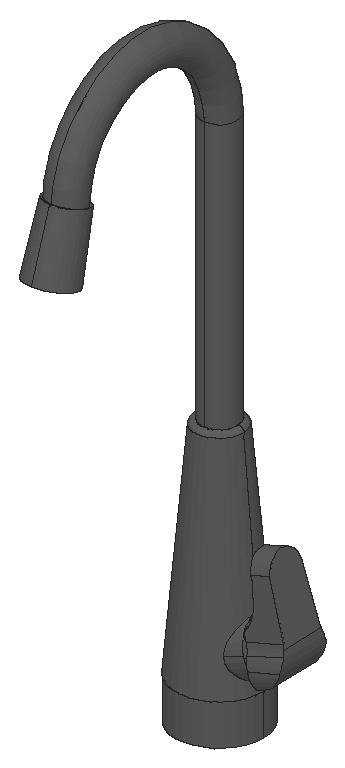
Revit family "TT5015551-Griferia-Lavaplatos-Monocontrol-Tanta", category Plumbing Fixtures, host Face, Revit 2021
Family settings
  Host = Face
  Round Connector Dimension = Use Diameter
  Part Type = Normal
  OmniClass Number = 23.31.11.00
  Cut with Voids When Loaded = No
  Shared = No
  Room Calculation Point = No
Parameters
  Vida útil o desgaste (unidad) = "500.000 ciclos"  # constant formula
  Vida útil o desgaste (pico) = "50.000 ciclos"  # constant formula
  URL = ""
  Temperatura de uso = "5ºC a 71ºC"  # constant formula
  Profundidad = 200 mm
  Peso Neto = "1,760 gr / 3,88 lb"  # constant formula
  Peso  Bruto = "1,950 gr / 4,30 lb"  # constant formula
  Material = Corona_Plastico_Cromado
  Garantía Acabados = "2 años"  # constant formula
  Garantia = "30 años"  # constant formula
  Fecha de creación = "11/08/2020"  # constant formula
  Fabricante = "Corona"  # constant formula
  Default Elevation = 1219.2 mm
  Creado por = "IDD"  # constant formula
  Capacidad de flujo máximo a 60 psi = "8,3 L/min"  # constant formula
  Ancho = 77 mm
  Alto = 395 mm
Reference planes
  plane 1 "Center (Front/Back)": y = 0
  plane 2: z = 0
  plane 3 "Center (Left/Right)": x = 0
  plane 4: y = 27.809
  plane 5: y = -172.191
  plane 6: x = -26.759
  plane 7: x = 50.241
  plane 8: z = 395
Forms (mm)
  Extrusion 1, solid, material "Corona_Plastico_Cromado" <- "Material", detail levels coarse
    sketch origin (0, 0, 0) x (1, 0, 0) y (0, 0, 1)
      loop
        line (50.206, 395) -> (-26.759, 395) -> (-26.759, 0) -> (50.206, 0) -> (50.206, 395)
    from -27.809 to 172.191
Dimensions and locks
  "Profundidad": plane 4 to plane 5
  "Alto": plane 8 to host face
  "Ancho": plane 6 to plane 7
  plane 7 to plane 6 = 77 mm
  plane 8 to host face = 395 mm
  aligned and locked: plane 2 to host face
  aligned and locked: level to host face
Automatic sketch dimensions
  host sketch curve to host sketch curve = 107.578 mm
  host sketch curve to host sketch curve = 247.53 mm
  Extrusion 1 sketch curve to plane 6 = 0 mm
  Extrusion 1 sketch curve to level = 0 mm
  Extrusion 1 sketch curve to plane 8 = 0 mm
  Extrusion 1 sketch curve to plane 7 = 0.035 mm
Nested families
  nested 1: "Family4" at (0, 0, 0) x (1, 0, 0) z (0, -1, 0), type "Family4", detail levels coarse
  nested 2: "Family5" at (0, 0.843, 0) x (0, 1, 0) z (1, 0, 0), type "Family5", detail levels coarse
  nested 3: "TT5015551_Griferia Lavaplatos Tanta" at (0, 0, 0), type "TT5015551_Griferia Lavaplatos Tanta", detail levels medium+fine
Connectors
  piping at (0, 0, 0), diameter 15
    settings: on nested 3, index 1, connector inside diameter 609.6 mm, connector length 0 mm, flow factor 0, pipe flow 0.0 L/s, pressure drop 0.0 Pa, fitting loss kfactor 0, connector angle 0.00°, fixture units 0, engagement length 0 mm, angle of deflection 0.00°, flow configuration 0, flow direction 2, fitting loss method 0, system type 20, joint type 0, gender type 0, connector reference index -1, connector utility 0, adjustable connector no, is connector primary yes, connector description ""
Definition of nested family "TT5015551_Griferia Lavaplatos Tanta"
  Parameters (values of type "TT5015551_Griferia Lavaplatos Tanta")
    Profundidad = 167 mm
    Material = none
    Default Elevation = 0 mm
    Ancho = 77 mm
    Alto = 395 mm
  Reference planes
    plane 1 "Center (Front/Back)": y = 0
    plane 2: z = 0
    plane 3 "Center (Left/Right)": x = 0
    plane 4 "LLave": through (32.74, -1524, 35.018) normal (-0.9613, 0, -0.2756)
    plane 5: z = 395
    plane 6: y = 27.809
    plane 7: y = -139.191
    plane 8: x = -26.759
    plane 9: x = 50.241
    plane 10: x = 40.241
    plane 11: through (0, -84.158, 320.431) normal (0, 0.2756, 0.9613)
  Forms (mm)
    Revolve 1, solid, material <- "Material", detail levels medium+fine
      sketch origin (0, 0, 0) x (1, 0, 0) y (0, 0, 1)
        loop
          line (0, 0) -> (0, 162.302) -> (-11.24, 162.302)
          arc (-11.24, 162.302) -> (-13.458, 161.585) -> (-14.836, 159.703) r 3.787
          arc (-14.836, 159.703) -> (-23.772, 92.615) -> (-26.759, 25) r 766.843
          line (-26.759, 25) -> (-26.759, 0) -> (0, 0)
        axis (0, 162.302) -> (0, 0)
      angle from 0 to 360
    Sweep 2, solid, material <- "Material", detail levels medium+fine
      path origin (0, 0, 59.444) x (0, 1, 0) y (0, 0, 1)
        loop
          line (0, 102.858) -> (0, 266.676)
          arc (0, 266.676) -> (-57.5, 324.176) -> (-115, 266.676) r 57.5
      profile origin (0, 0, 244.211) x (0, -1, 0) y (1, 0, 0)
        loop
          circle (0, 0) r 11
    SweptBlend 3, solid, material <- "Material", detail levels medium+fine
      path origin (-27.5, 0, 0) x (1, 0, 0) y (0, 0, 1)
        loop
          line (29.977, 43.795) -> (55.615, 51.147)
      profile origin (2.477, 0, 43.795) x (-0.275637, 0, 0.961262) y (0, -1, 0)
        loop
          arc (0, 20) -> (-14.142, 14.142) -> (-20, 0) r 20
          arc (-20, 0) -> (-14.142, -14.142) -> (0, -20) r 20
          arc (0, -20) -> (14.142, -14.142) -> (20, 0) r 20
          arc (20, 0) -> (14.142, 14.142) -> (0, 20) r 20
      end profile origin (28.115, 0, 51.147) x (-0.275637, 0, 0.961262) y (0, -1, 0)
        loop
          arc (-16.779, 0) -> (-11.865, -11.865) -> (0, -16.779) r 16.779
          arc (0, -16.779) -> (11.865, -11.865) -> (16.779, 0) r 16.779
          arc (16.779, 0) -> (11.865, 11.865) -> (0, 16.779) r 16.779
          arc (0, 16.779) -> (-11.865, 11.865) -> (-16.779, 0) r 16.779
    Extrusion 4, solid, material <- "Material", detail levels medium+fine
      sketch origin (39.531, 0, 11.335) x (0.275637, 0, -0.961262) y (0, -1, 0)
        loop
          arc (-33.836, -16.779) -> (-17.057, 0) -> (-33.836, 16.779) r 16.779
          arc (-33.836, 16.779) -> (-37.779, 16.309) -> (-41.501, 14.926) r 16.779
          arc (-41.501, 14.926) -> (-44.442, 13.792) -> (-47.557, 13.304) r 14.857
          line (-47.557, 13.304) -> (-81.696, 11.623)
          arc (-81.696, 11.623) -> (-91.277, 0) -> (-81.696, -11.623) r 11.84
          line (-81.696, -11.623) -> (-47.557, -13.304)
          arc (-47.557, -13.304) -> (-44.442, -13.792) -> (-41.501, -14.926) r 14.857
          arc (-41.501, -14.926) -> (-37.779, -16.309) -> (-33.836, -16.779) r 16.779
      from 0 to -25.13
    Extrusion 5, void, detail levels medium+fine
      sketch origin (-27.5, 0, 0) x (1, 0, 0) y (0, 0, 1)
        loop
          arc (50.99, 67.276) -> (54.755, 69.96) -> (56.745, 74.134) r 9.226
          arc (56.745, 74.134) -> (57.465, 81.634) -> (56.745, 89.134) r 39.392
          arc (56.745, 89.134) -> (55.5, 94.323) -> (53.806, 99.383) r 60.874
          arc (53.806, 99.383) -> (53.454, 104.895) -> (56.305, 109.625) r 9.249
          arc (56.305, 109.625) -> (57.564, 110.465) -> (59.001, 110.938) r 5.584
          arc (59.001, 110.938) -> (62.168, 110.059) -> (64.076, 107.384) r 4.922
          line (64.076, 107.384) -> (77.343, 61.117)
          arc (77.343, 61.117) -> (74.459, 42.92) -> (58.664, 33.435) r 21.793
          line (58.664, 33.435) -> (61.632, 23.083) -> (87.892, 30.613) -> (63.98, 114.003) -> (39.597, 107.011) -> (50.99, 67.276)
      from -34.72 to 25
    SweptBlend 6, void, detail levels medium+fine
      path in 3D
        loop
          arc (28.115, -16.779, 51.147) -> (24.845, -11.865, 62.552) -> (23.49, 0, 67.276) r 16.779
      profile origin (28.115, -16.779, 51.147) x (0, -1, 0) y (0.961262, 0, 0.275637)
        loop
          line (0, 0) -> (25, 0) -> (25, 10)
          arc (25, 10) -> (18.75, 10.468) -> (12.5, 10) r 42
          arc (12.5, 10) -> (4.909, 6.676) -> (0, 0) r 16
      end profile origin (23.49, 0, 67.276) x (-0.275637, 0, 0.961262) y (0.961262, 0, 0.275637)
        loop
          line (0, 0) -> (25, 0) -> (25, 10)
          arc (25, 10) -> (18.75, 10.468) -> (12.5, 10) r 42
          arc (12.5, 10) -> (4.907, 6.678) -> (0, 0) r 15.978
    SweptBlend 7, void, detail levels medium+fine
      path in 3D
        loop
          arc (28.115, 16.779, 51.147) -> (24.845, 11.865, 62.552) -> (23.49, 0, 67.276) r 16.779
      profile origin (28.115, 16.779, 51.147) x (0, -1, 0) y (0.961262, 0, 0.275637)
        loop
          arc (0, 0) -> (-4.909, 6.676) -> (-12.5, 10) r 16
          arc (-12.5, 10) -> (-18.75, 10.468) -> (-25, 10) r 42
          line (-25, 10) -> (-25, 0) -> (0, 0)
      end profile origin (23.49, 0, 67.276) x (0.275637, 0, -0.961262) y (0.961262, 0, 0.275637)
        loop
          arc (0, 0) -> (-4.907, 6.678) -> (-12.5, 10) r 15.978
          arc (-12.5, 10) -> (-18.75, 10.468) -> (-25, 10) r 42
          line (-25, 10) -> (-25, 0) -> (0, 0)
    Extrusion 8, solid, detail levels coarse
      sketch origin (0, 0, 0) x (1, 0, 0) y (0, 1, 0)
        loop
          line (-26.759, 27.809) -> (-26.759, -139.191) -> (52.133, -139.191) -> (52.133, 27.809) -> (-26.759, 27.809)
      from 0 to 395
    Revolve 9, solid, material <- "Material", detail levels medium+fine
      sketch origin (0, 0, 0) x (0, 1, 0) y (0, 0, 1)
        loop
          line (-114.903, 329.247) -> (-127.084, 332.74) -> (-140.295, 294.374)
          arc (-140.295, 294.374) -> (-133.419, 291.588) -> (-126.286, 289.55) r 69.506
          line (-126.286, 289.55) -> (-114.903, 329.247)
        axis (-114.903, 329.247) -> (-126.286, 289.55)
      angle from 0 to 360
  Cuts and joins
    Extrusion 5, SweptBlend 6, SweptBlend 7 cuts Extrusion 4
  Lines and regions (mm)
    sketch lines
      curve 1: arc (28.115, -16.779, 51.147) -> (24.845, -11.865, 62.552) -> (23.49, 0, 67.276) r 16.779
      curve 2: arc (28.115, 16.779, 51.147) -> (24.845, 11.865, 62.552) -> (23.49, 0, 67.276) r 16.779
  Dimensions and locks
    "Alto": plane 5 to level
    plane 7 to plane 6 = 167 mm  (x2)
    "Ancho": plane 8 to plane 9
    plane 8 to plane 9 = 77 mm
    plane 8 to plane 10 = 67 mm
    "Profundidad": plane 6 to plane 7
    aligned and locked: level to plane 2
  Automatic sketch dimensions
    plane 8 to Revolve 1 sketch curve = 0 mm
    Revolve 1 sketch curve to level = 0 mm
    Revolve 1 sketch curve to plane 3 "Center (Left/Right)" = 0 mm  (x2)
    Revolve 1 sketch curve to Revolve 1 sketch curve = 11.24 mm
    level to Revolve 1 sketch curve = 25 mm
    Revolve 1 sketch curve to plane 9 = 689.843 mm
    Revolve 1 sketch curve to Revolve 1 sketch curve = 133.516 mm
    Revolve 1 sketch curve to Revolve 1 sketch curve = 3.787 mm
    Revolve 1 sketch curve to level = 452.931 mm
    plane 5 to Revolve 1 sketch curve = 2050.244 mm
    Sweep 2 sketch curve to plane 3 "Center (Left/Right)" = 0 mm
    Sweep 2 sketch curve to profile plane = 0 mm
    plane 4 "LLave" to SweptBlend 3 sketch curve = 0 mm
    plane 3 "Center (Left/Right)" to SweptBlend 3 sketch curve = 2.477 mm
    level to SweptBlend 3 sketch curve = 43.795 mm
    plane 10 to SweptBlend 3 sketch curve = 12.125 mm
    SweptBlend 3 sketch curve to SweptBlend 3 sketch curve = 0 mm  (x24)
    plane 1 "Center (Front/Back)" to SweptBlend 3 sketch curve = 0 mm  (x2)
    SweptBlend 3 sketch curve to profile plane = 0 mm  (x2)
    SweptBlend 3 sketch curve to SweptBlend 3 sketch curve = 20 mm
    profile plane to SweptBlend 3 sketch curve = 16.779 mm
    Extrusion 4 sketch curve to Extrusion 4 sketch curve = 0 mm  (x7)
    Extrusion 4 sketch curve to plane 1 "Center (Front/Back)" = 0 mm  (x2)
    plane 1 "Center (Front/Back)" to Extrusion 4 sketch curve = 11.623 mm
    Extrusion 4 sketch curve to plane 1 "Center (Front/Back)" = 11.623 mm
    Extrusion 4 sketch curve to Extrusion 4 sketch curve = 2.259 mm
    Extrusion 4 sketch curve to plane 6 = 0.334 mm
    Extrusion 4 sketch curve to Extrusion 4 sketch curve = 33.409 mm  (x2)
    plane 1 "Center (Front/Back)" to Extrusion 4 sketch curve = 13.304 mm
    Extrusion 4 sketch curve to Extrusion 4 sketch curve = 0.731 mm  (x2)
    Extrusion 4 sketch curve to plane 1 "Center (Front/Back)" = 13.304 mm
    Extrusion 4 sketch curve to Extrusion 4 sketch curve = 13.721 mm
    Extrusion 4 sketch curve to Extrusion 4 sketch curve = 14.839 mm
    plane 4 "LLave" to Extrusion 5 sketch curve = 0 mm  (x2)
    plane 8 to Extrusion 5 sketch curve = 3.757 mm
    Extrusion 5 sketch curve to plane 3 "Center (Left/Right)" = 9.427 mm
    plane 3 "Center (Left/Right)" to Extrusion 5 sketch curve = 12.097 mm
    plane 10 to Extrusion 5 sketch curve = 20.053 mm
    Extrusion 5 sketch curve to Extrusion 5 sketch curve = 3.302 mm
    plane 10 to Extrusion 5 sketch curve = 11.346 mm
    plane 10 to Extrusion 5 sketch curve = 9.077 mm
    plane 10 to Extrusion 5 sketch curve = 8.396 mm
    Extrusion 5 sketch curve to Extrusion 5 sketch curve = 0.664 mm
    plane 10 to Extrusion 5 sketch curve = 6.109 mm
    Extrusion 5 sketch curve to Extrusion 5 sketch curve = 2.431 mm
    plane 10 to Extrusion 5 sketch curve = 3.76 mm
    plane 10 to Extrusion 5 sketch curve = 3.664 mm
    plane 9 to Extrusion 5 sketch curve = 0.397 mm
    Extrusion 5 sketch curve to plane 9 = 10.151 mm
    Extrusion 5 sketch curve to Extrusion 5 sketch curve = 12.167 mm
    Extrusion 5 sketch curve to Extrusion 5 sketch curve = 8.614 mm
    Extrusion 5 sketch curve to Extrusion 5 sketch curve = 1.654 mm
    Extrusion 5 sketch curve to Extrusion 5 sketch curve = 4.09 mm
    Extrusion 5 sketch curve to Extrusion 5 sketch curve = 11.302 mm
    Extrusion 5 sketch curve to Extrusion 5 sketch curve = 2.743 mm
    Extrusion 5 sketch curve to Extrusion 5 sketch curve = 0.582 mm
    Extrusion 5 sketch curve to Extrusion 5 sketch curve = 1.939 mm
    Extrusion 5 sketch curve to Extrusion 5 sketch curve = 5.539 mm
    Extrusion 5 sketch curve to Extrusion 5 sketch curve = 0 mm  (x3)
    profile plane to SweptBlend 6 sketch curve = 0 mm  (x2)
    SweptBlend 6 sketch curve to profile plane = 5.798 mm
    SweptBlend 6 sketch curve to profile plane = 14.889 mm
    SweptBlend 6 sketch curve to profile plane = 18.75 mm  (x2)
    SweptBlend 6 sketch curve to SweptBlend 6 sketch curve = 10.111 mm
    SweptBlend 6 sketch curve to SweptBlend 6 sketch curve = 25.734 mm
    SweptBlend 6 sketch curve to SweptBlend 6 sketch curve = 10 mm  (x2)
    SweptBlend 6 sketch curve to profile plane = 0 mm  (x2)
    SweptBlend 6 sketch curve to profile plane = 5.818 mm
    SweptBlend 6 sketch curve to profile plane = 14.905 mm
    SweptBlend 6 sketch curve to SweptBlend 6 sketch curve = 10.095 mm
    SweptBlend 6 sketch curve to SweptBlend 6 sketch curve = 25.714 mm
    profile plane to SweptBlend 7 sketch curve = 0 mm
    profile plane to SweptBlend 7 sketch curve = 25 mm
    profile plane to SweptBlend 7 sketch curve = 18.75 mm  (x2)
    SweptBlend 7 sketch curve to SweptBlend 7 sketch curve = 10.111 mm
    SweptBlend 7 sketch curve to profile plane = 0 mm  (x3)
    SweptBlend 7 sketch curve to profile plane = 5.798 mm
    SweptBlend 7 sketch curve to SweptBlend 7 sketch curve = 25.734 mm
    SweptBlend 7 sketch curve to SweptBlend 7 sketch curve = 10 mm
    SweptBlend 7 sketch curve to profile plane = 5.818 mm
    profile plane to SweptBlend 7 sketch curve = 14.905 mm
    profile plane to SweptBlend 7 sketch curve = 10 mm
    SweptBlend 7 sketch curve to SweptBlend 7 sketch curve = 10.095 mm
    SweptBlend 7 sketch curve to SweptBlend 7 sketch curve = 25.714 mm
    plane 7 to Extrusion 8 sketch curve = 0 mm
    Extrusion 8 sketch curve to plane 8 = 0 mm
    plane 6 to Extrusion 8 sketch curve = 0 mm
    Extrusion 8 sketch curve to plane 9 = 1.892 mm
    Sweep 2 sketch curve to plane 1 "Center (Front/Back)" = 0 mm
    plane 1 "Center (Front/Back)" to Sweep 2 sketch curve = 57.5 mm
    Sweep 2 sketch curve to plane 5 = 68.88 mm
    level to Sweep 2 sketch curve = 162.302 mm
    Revolve 9 sketch curve to plane 11 = 0 mm  (x3)
    Revolve 9 sketch curve to plane 7 = 12.107 mm
    Revolve 9 sketch curve to Revolve 9 sketch curve = 12.181 mm
    Revolve 9 sketch curve to Revolve 9 sketch curve = 4.113 mm
    plane 7 to Revolve 9 sketch curve = 1.103 mm
    Revolve 9 sketch curve to plane 7 = 12.905 mm
    Revolve 9 sketch curve to Revolve 9 sketch curve = 0.511 mm
    Revolve 9 sketch curve to Revolve 9 sketch curve = 0 mm
    Revolve 9 sketch curve to Revolve 9 sketch curve = 4.823 mm
    Revolve 9 sketch curve to Revolve 9 sketch curve = 1.78 mm
    radius of Sweep 2 sketch curve = 11 mm
Definition of nested family "Family4"
  Reference planes
    plane 1 "Center (Front/Back)": y = 0
    plane 2: z = 0
    plane 3 "Center (Left/Right)": x = 0
    plane 4: y = 395
  Lines and regions (mm)
    detail lines, in view "Ref. Level"
      curve 1: line (27.344, 0, 0) -> (27.344, 42.626, 0)
      curve 2: line (15.135, 141.635, 0) -> (0, 141.635, 0)
      curve 3: line (15.135, 141.635, 0) -> (10.805, 144.135, 0)
      curve 4: line (10.805, 144.135, 0) -> (0, 144.135, 0)
      curve 5: line (10.805, 144.135, 0) -> (10.805, 317.706, 0)
      curve 6: spline (-16.017, 323.243, 0) -> (-15.471, 321.301, 0) -> (-13.871, 319.493, 0) -> (-11.326, 317.939, 0) -> (-8.008, 316.747, 0) -> (-4.145, 315.998, 0) -> (0, 315.743, 0) -> (4.145, 315.998, 0) -> (8.008, 316.747, 0) -> (11.326, 317.939, 0) -> (13.871, 319.493, 0) -> (15.471, 321.301, 0) -> (16.017, 323.243, 0) -> (15.471, 325.184, 0) -> (13.871, 326.993, 0) -> (11.326, 328.546, 0) -> (8.008, 329.738, 0) -> (4.145, 330.487, 0) -> (0, 330.743, 0) -> (-4.145, 330.487, 0) -> (-8.008, 329.738, 0) -> (-11.326, 328.546, 0) -> (-13.871, 326.993, 0) -> (-15.471, 325.184, 0) -> (-16.017, 323.243, 0)
      curve 7: spline (-8.246, 323.325, 0) -> (-7.965, 322.621, 0) -> (-7.141, 321.964, 0) -> (-5.831, 321.401, 0) -> (-4.123, 320.968, 0) -> (-2.134, 320.697, 0) -> (0, 320.604, 0) -> (2.134, 320.697, 0) -> (4.123, 320.968, 0) -> (5.831, 321.401, 0) -> (7.141, 321.964, 0) -> (7.965, 322.621, 0) -> (8.246, 323.325, 0) -> (7.965, 324.029, 0) -> (7.141, 324.685, 0) -> (5.831, 325.249, 0) -> (4.123, 325.681, 0) -> (2.134, 325.953, 0) -> (0, 326.046, 0) -> (-2.134, 325.953, 0) -> (-4.123, 325.681, 0) -> (-5.831, 325.249, 0) -> (-7.141, 324.685, 0) -> (-7.965, 324.029, 0) -> (-8.246, 323.325, 0)
      curve 8: line (-16.017, 323.243, 0) -> (-10.704, 384.672, 0)
      curve 9: line (16.017, 323.243, 0) -> (10.881, 384.672, 0)
      curve 10: arc (-10.704, 384.672, 0) -> (0.088, 395.465, 0) -> (10.881, 384.672, 0) r 10.793
      curve 11: line (-27.344, 0, 0) -> (-27.344, 42.626, 0)
      curve 12: line (-15.135, 141.635, 0) -> (0, 141.635, 0)
      curve 13: line (-15.135, 141.635, 0) -> (-10.805, 144.135, 0)
      curve 14: line (-10.805, 144.135, 0) -> (0, 144.135, 0)
      curve 15: line (-10.805, 144.135, 0) -> (-10.805, 317.706, 0)
      curve 16: line (27.224, 52.506, 0) -> (32.763, 36.418, 0)
      curve 17: line (32.763, 36.418, 0) -> (27.344, 33.891, 0)
      curve 18: arc (26.369, 70.796, 0) -> (29.151, 75.924, 0) -> (29.335, 81.757, 0) r 12.649
      curve 19: arc (48.988, 48.768, 0) -> (42.656, 40.254, 0) -> (32.763, 36.418, 0) r 19.147
      curve 20: arc (48.988, 48.768, 0) -> (50.206, 55.489, 0) -> (48.988, 62.21, 0) r 19.147
      curve 21: line (48.988, 62.21, 0) -> (36.966, 104.135, 0)
      curve 22: line (36.966, 104.135, 0) -> (25.445, 100.831, 0)
      curve 23: arc (25.445, 100.831, 0) -> (27.82, 91.382, 0) -> (29.335, 81.757, 0) r 108.202
      curve 24: arc (25.445, 100.831, 0) -> (25.644, 106.111, 0) -> (29.029, 110.167, 0) r 8.178
      curve 25: arc (29.029, 110.167, 0) -> (30.984, 110.715, 0) -> (32.94, 110.167, 0) r 3.763
      curve 26: arc (32.94, 110.167, 0) -> (35.423, 107.465, 0) -> (36.966, 104.135, 0) r 11.914
      curve 27: line (27.344, 0, 0) -> (-27.344, 0, 0)
      curve 28: arc (-15.135, 141.635, 0) -> (-24.28, 92.506, 0) -> (-27.344, 42.626, 0) r 407.579
      curve 29: arc (15.135, 141.635, 0) -> (24.28, 92.506, 0) -> (27.344, 42.626, 0) r 407.579
  Dimensions and locks
    plane 1 "Center (Front/Back)" to plane 4 = 395 mm
Definition of nested family "Family5"
  Reference planes
    plane 1 "Center (Front/Back)": y = 0
    plane 2: z = 0
    plane 3 "Center (Left/Right)": x = 0
    plane 4: y = 333
    plane 5: y = 333.007
  Lines and regions (mm)
    detail lines, in view "Ref. Level"
      curve 1: line (-26.172, 0.007, 0) -> (26.172, 0.007, 0)
      curve 2: line (26.172, 0.007, 0) -> (26.172, 42.633, 0)
      curve 3: arc (26.172, 42.633, 0) -> (21.404, 71.635, 0) -> (13.963, 100.069, 0) r 316.178
      curve 4: line (13.963, 100.069, 0) -> (13.963, 101.642, 0)
      curve 5: line (13.963, 101.642, 0) -> (9.633, 101.642, 0)
      curve 6: line (13.963, 101.642, 0) -> (9.633, 104.142, 0)
      curve 7: line (9.633, 104.142, 0) -> (9.633, 289.142, 0)
      curve 8: line (-28.515, 0.007, 0) -> (-28.515, 42.633, 0)
      curve 9: arc (-28.515, 42.633, 0) -> (-23.747, 71.635, 0) -> (-16.307, 100.069, 0) r 316.178
      curve 10: line (-16.307, 101.642, 0) -> (-11.977, 101.642, 0)
      curve 11: line (-16.307, 101.642, 0) -> (-11.977, 104.142, 0)
      curve 12: line (-11.977, 104.142, 0) -> (-11.977, 281.765, 0)
      curve 13: line (-11.305, 0.007, 0) -> (-11.305, -17.346, 0)
      curve 14: line (-1.172, -17.346, 0) -> (-23.552, -17.346, 0)
      curve 15: line (-23.552, -17.346, 0) -> (-23.552, -27.346, 0)
      curve 16: line (-23.552, -27.346, 0) -> (-1.172, -27.346, 0)
      curve 17: line (-11.305, -27.346, 0) -> (-11.305, -43.427, 0)
      curve 18: line (-11.305, -43.427, 0) -> (-8.24, -46.492, 0)
      curve 19: line (-8.24, -46.492, 0) -> (-1.172, -46.492, 0)
      curve 20: line (-11.305, -43.427, 0) -> (-1.172, -43.427, 0)
      curve 21: line (-16.305, -17.346, 0) -> (-16.305, -27.346, 0)
      curve 22: line (8.961, 0.007, 0) -> (8.961, -17.346, 0)
      curve 23: line (-1.172, -17.346, 0) -> (21.208, -17.346, 0)
      curve 24: line (21.208, -17.346, 0) -> (21.208, -27.346, 0)
      curve 25: line (21.208, -27.346, 0) -> (-1.172, -27.346, 0)
      curve 26: line (8.961, -27.346, 0) -> (8.961, -43.427, 0)
      curve 27: line (8.961, -43.427, 0) -> (5.896, -46.492, 0)
      curve 28: line (5.896, -46.492, 0) -> (-1.172, -46.492, 0)
      curve 29: line (8.961, -43.427, 0) -> (-1.172, -43.427, 0)
      curve 30: line (13.961, -17.346, 0) -> (13.961, -27.346, 0)
      curve 31: arc (-11.977, 281.765, 0) -> (-35.721, 312.001, 0) -> (-73.983, 308.263, 0) r 40.004
      curve 32: arc (9.633, 289.142, 0) -> (-29.916, 332.679, 0) -> (-88.197, 324.75, 0) r 63.166
      curve 33: line (-88.197, 324.75, 0) -> (-172.065, 270.286, 0)
      curve 34: line (-172.065, 270.286, 0) -> (-141.621, 262.128, 0)
      curve 35: line (-141.621, 262.128, 0) -> (-73.983, 308.263, 0)
      curve 36: line (-88.197, 324.75, 0) -> (-76.01, 306.881, 0)
      curve 37: line (-172.065, 270.286, 0) -> (-175.047, 266.731, 0)
      curve 38: line (-175.047, 266.731, 0) -> (-142.661, 256.208, 0)
      curve 39: line (-142.661, 256.208, 0) -> (-141.621, 262.128, 0)
      curve 40: line (-170.501, 265.254, 0) -> (-172.682, 258.542, 0)
      curve 41: line (-172.682, 258.542, 0) -> (-147.567, 250.381, 0)
      curve 42: arc (-15.842, 54.572, 0) -> (0.316, 10.234, 0) -> (15.348, 54.967, 0) r 25
      curve 43: arc (-16.779, 43.169, 0) -> (0.336, 24.96, 0) -> (16.71, 43.837, 0) r 16.835
      curve 44: arc (-11.977, 101.642, 0) -> (-1.172, 112.447, 0) -> (9.633, 101.642, 0) r 10.805
      curve 45: line (-11.977, 101.642, 0) -> (-16.779, 43.169, 0)
      curve 46: line (9.633, 101.642, 0) -> (16.71, 43.837, 0)
      curve 47: line (-16.307, 100.069, 0) -> (-16.307, 101.642, 0)
